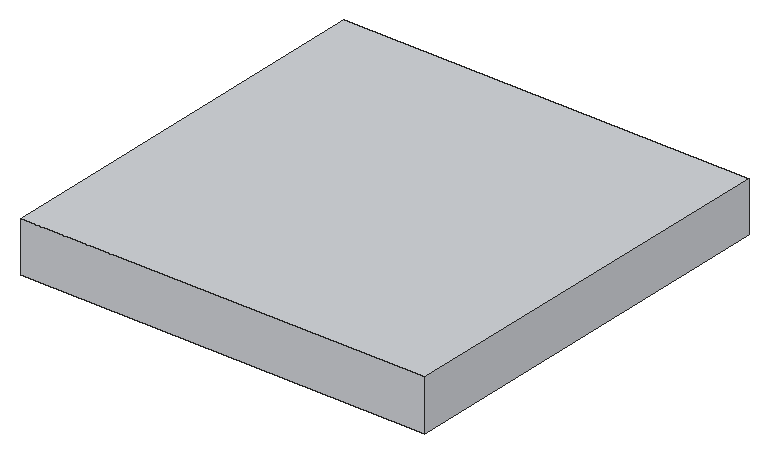
Revit family "05-E154-CA-CL", category Luminarias, Revit 2017
Family settings
  Anfitrión = Cara
  Cota de conector redondo = Diámetro de uso
  Tipo de pieza = Normal
  Número OmniClass = 23.80.70.00
  Título OmniClass = Lighting
  Corte con vacíos al cargar = No
  Origen de luz = No
  Compartido = Sí
  Punto de cálculo de habitación = No
Parameters (values of type "05-E154-CA-CL")
  Versión = "v1"
  Vatios (W) = 9.4
  Tipo de regulación = ""
  Tipo = "Proyector"
  Tender text (English) = "LEDS C4\nThor ø72mm\n05-E154-CA-CL\n\nLED Spotlight for outdoor use. \n\nFor downlighting.. Suitable for installation in marine environments. Cable meters included: 2. Adjustable light source. Structure material: Stainless steel AISI316. Structure finish: Polished. Diffuser material: Glass. Diffuser finish: Transparent. UV protection. Warranty: 5 Years.\n\nProduct net weight (Kg): 1.300\nProduct length (mm): 98\nProduct width or diameter (mm): 81\nProduct height (mm): MAX.149\n\nClass 3. IP: IP65. IK: IK05. LED. No. of lampholders or LEDs: 1. LED brand: CREE. Driver brand: TITANIC. Maximum power of light source: 8.4W. Colour temperature: LED warm-white 3000K. Colour rendering index: 80. MacAdam Steps: 2. Maximum diameter of luminaire bulb: 50.000h L80B20. UGR:  8.9. Photobiological risk: RG1. Real flux (lm): 675. Lm/Real W: 72. Voltage and frequency range: 24-48. Voltage: 18. Gear included: No, but it is needed. Total power: 9.4."
  Tender text (Castellano) = "LEDS C4\nThor ø72mm\n05-E154-CA-CL\n\nProyector LED de uso exterior para iluminar hacia abajo. \nApto para instalar en ambientes con atmósfera marina. Metros cable incluido: 2. Fuente de luz orientable. Material estructura: Acero inoxidable AISI 316. Acabado estructura: Pulido. Material difusor: Cristal. Acabado difusor: Transparente. Protección contra los rayos ultravioleta. Garantía: 5 Años.\n\nPeso neto del producto (Kg): 1.300\nLongitud del producto (mm): 98\nAnchura o diámetro del producto (mm): 81\nAltura del producto (mm): MAX.149\n\nClase 3. IP: IP65. IK: IK05. LED. Nº de portalámparas o Leds: 1. Marca del LED: CREE. Marca del Driver: TITANIC. Potencia máxima de la fuente de luz: 8.4W. Temperatura de color: Blanco cálido - 3000K. Índice de reproducción cromática: 80. Steps Mac Adam: 2. Diámetro máximo de la bombilla que admite la luminaria: 50.000h L80B20. UGR:  8.9. Riesgo fotobiológico: RG1. Flujo real (lm): 675. Lm/W reales: 72. Rango de voltaje/frecuencia: 24-48. Voltaje: 18. Equipo incluido: No, pero lo necesita. Potencia total: 9.4."
  Temperatura color led (K) = "Blanco cálido - 3000K"
  Referencia = "05-E154-CA-CL"
  Rayo de luz = "MEDIUM, 30º"
  Producto descatalogado = "Catalogado ES"
  Pluma comercial = ""
  Peso neto (KG) = 1.3
  Material = "Acero inoxidable AISI 316, Cristal"
  Lumenes reales (lm) = 675
  LDT = "http://files.leds-c4.com/ldt/05-E154-CA-CL.html"
  Imagen web = "http://files.leds-c4.com/main-photo/05-E154-CA-CL"
  IfcExportType = "NOTDEFINED"
  IfcExportAs = "IfcLightFixture\r\nIfcLightFixture"
  IP = "IP65"
  IMC = "http://files.leds-c4.com/imc/05-E154-CA-CL.html"
  IK = "IK05"
  Fuente de luz = ""
  Fotometría = "http://files.leds-c4.com/fm/05-E154-CA-CL.html"
  Ficha = "http://files.leds-c4.com/ft/es/05-E154-CA-CL.html"
  FechaVersion = "Julio 2020"
  Familia = "Thor ø72mm"
  Fabricante = "LEDS C4"
  Etiqueta V/f = "24-48 VDC"
  Elevación por defecto = 1000 mm
  Eficiencia energética = "LED A++"
  EAN13 = "8435575319592"
  DescripcionUniformat2010 = "Lighting"
  DescripcionUniclass2015 = "Lighting"
  DescripcionOmniclass = "Lighting"
  DescripcionGubimclass = "Iluminación interior"
  CodigoUniformat2010 = "D5040"
  CodigoUniclass2015 = "EF_70_80"
  CodigoOmniclass = "21-04 50 40"
  CodigoGubimclass = "50.60.50.20"
  Catálogo = "Outdoor"
  Carga aparente = 0 VA
  CRI = 80
  Acabado = "Pulido, Transparente"
Types (2, lengths in mm): name | Lumenes reales (lm) | CRI
  (no name) | 0 | 0
  05-E154-CA-CL | 675 | 80
Values of the unnamed type that differ from the named types
  Vatios (W) = 0
  Tipo = ""
  Tender text (English) = ""
  Tender text (Castellano) = ""
  Temperatura color led (K) = ""
  Referencia = ""
  Rayo de luz = ""
  Producto descatalogado = ""
  Peso neto (KG) = 0
  Material = ""
  LDT = ""
  Imagen web = ""
  IP = ""
  IMC = ""
  IK = ""
  Fotometría = ""
  Ficha = ""
  Familia = ""
  Etiqueta V/f = ""
  Eficiencia energética = ""
  EAN13 = ""
  Catálogo = ""
  Acabado = ""
Reference planes
  plane 1 "Centro (Frontal/Posterior)": y = 0
  plane 2: z = 0
  plane 3 "Centro (Izquierda/Derecha)": x = 0
  plane 4 "Elevación de origen de luz": z = 0
  plane 5 "Eje de origen de luz (F/P)": y = 0
  plane 6 "Eje de origen de luz (I/D)": x = 0
Forms (mm)
  Extrusion 1, solid
    sketch origin (0, 0, 0) x (1, 0, 0) y (0, 1, 0)
      loop
        line (-1219.2, 1219.2) -> (-1219.2, -1219.2) -> (1219.2, -1219.2) -> (1219.2, 1219.2) -> (-1219.2, 1219.2)
    from 0 to -304.8
Dimensions and locks
  aligned and locked: plane 2 to Extrusion 1
  aligned and locked: level to Extrusion 1
Nested families
  nested 1: "Luz anidada" at (47.341, 0, 141.457), type "Tipo1"
Connectors
  electrical at (0, 0, 0)
    settings: on Extrusion 1, index 1, voltage 0 V, apparent load 0 VA, apparent load phase1 0 VA, apparent load phase2 0 VA, apparent load phase3 0 VA, power factor 1, load classification "Otro", number of poles 1, system type 31, power factor state 1, is connector primary yes, connector utility no, sub classification motor no, connector description ""
Definition of nested family "Luz anidada"
  Parameters (values of type "Tipo1")
    Tilt Angle = 47.0205°
    Wattage = 9.4 W
    Tipo de regulación = ""
    Tipo = ""
    Tender text = ""
    built-in parameter 1150110 = 1 (stored number, unit not read)
    Pluma comercial = ""
    Material = ""
    Imagen = ""
    IP = ""
    IMC = ""
    IK = ""
    Fotometría = ""
    Ficha = ""
    Familia = ""
    Estado en catálogo = ""
    Peso neto = ""
    Lamp = ""
    built-in parameter 1114217 = 1 (stored number, unit not read)
    built-in parameter 1150109 = 1 (stored number, unit not read)
    Etiqueta vf = ""
    Eficiencia energética = ""
    EAN13 = ""
    built-in parameter 1150134 = (empty or 0)
    built-in parameter 1150113 = 1 (stored number, unit not read)
    Lumens = 2391 lm
    built-in parameter 1150115 = 1 (stored number, unit not read)
    built-in parameter 1150105 = 109.82 (stored number, unit not read)
    built-in parameter 1150137 = (empty or 0)
    built-in parameter 1150139 = (empty or 0)
    built-in parameter 1150112 = 1 (stored number, unit not read)
    built-in parameter 1150114 = 1 (stored number, unit not read)
    built-in parameter 1150132 = (empty or 0)
    built-in parameter 1150102 = (empty or 0)
    built-in parameter 1150138 = (empty or 0)
    built-in parameter 1150107 = 3000 (stored number, unit not read)
    built-in parameter 1150106 = 1.0982 (stored number, unit not read)
    built-in parameter 1150104 = 6.6712 (stored number, unit not read)
    Catálogo = ""
    Dimming Lamp Color Temperature Shift = (empty or 0)
    Color Filter = 16777215
    built-in parameter 1114218 = 1 (stored number, unit not read)
    CRI = 0
    Photometric Web File = "05-E154-CA-CL.ies"
    Acabado = ""
    built-in parameter 1150133 = 10 (stored number, unit not read)
  Types (2, lengths in mm): name | Tilt Angle
    (no name) | 90.00°
    Tipo1 | 47.0205°
  Values of the unnamed type that differ from the named types
    Wattage = 15.4 W
    built-in parameter 1150104 = 4.8261 (stored number, unit not read)
  Reference planes
    plane 1 "Eje de origen de luz (F/P)": y = 0
    plane 2: z = 0
    plane 3 "Eje de origen de luz (I/D)": x = 0
    plane 4 "Elevación de origen de luz": z = 0
  Dimensions and locks
    aligned and locked: plane 3 "Eje de origen de luz (I/D)" to imposter light
    aligned and locked: plane 1 "Eje de origen de luz (F/P)" to imposter light
    aligned and locked: plane 4 "Elevación de origen de luz" to imposter light
    aligned and locked: level to plane 2
